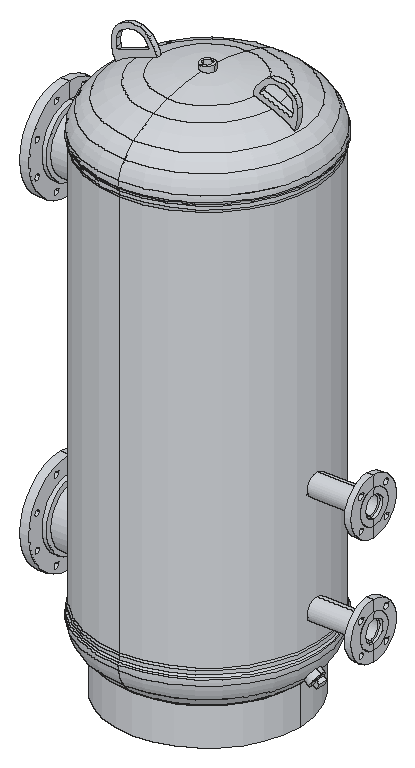
Revit family "HBT-120-26", category Generic Models, Revit 2014
Parameters (values of type "HBT-120-26")
  URL = "http://westank.com/"
  Tank Volume = 120.0 gal
  Part Number = 55641226
  Model = "HBT-120-26"
  Maximum Shipping Weight = 254 lbf
  G = 12"
  B = 6"
  Description = "Wessels ASME 4-port primary-secondary Hot Water Buffer Tanks (HBT) are designed for use with today’s high efficiency systems that incorporate small modular low-mass boilers."
  D = 60"
  C = 24"
  E = 48"
  F = 24"
  A = 2"
Reference planes (in)
  plane 1 "Center (Front/Back)": y = 0
  plane 2: z = 0
  plane 3 "Center (Left/Right)": x = 0
  plane 4: through (12.55282, -180, 5.24135) normal (0.8192, 0, -0.5736)
  plane 5: z = 0
  plane 6: x = -0.0258
  plane 7: x = -12
  plane 8: x = 12
  plane 9: z = 60
  plane 10: z = 12
  plane 11: z = 24
  plane 12: z = 48
Forms (in)
  Revolve 1, solid
    sketch origin (0, -0.02461, 0) x (0, 1, 0) y (0, 0, 1)
      loop
        line (-11.72943, 8.77243) -> (-11.78566, 8.52884) -> (-11.78566, 8.13478)
        arc (-11.78566, 8.13478) -> (-11.81912, 8.00062) -> (-11.91164, 7.89786) r 0.28578
        arc (-11.91164, 7.89786) -> (-11.95692, 7.81968) -> (-11.97558, 7.73128) r 0.28631
        arc (-11.97558, 7.73128) -> (-11.97245, 7.42046) -> (-11.93229, 7.11223) r 2.60351
        arc (-11.93229, 7.11223) -> (-11.64697, 6.20299) -> (-11.16219, 5.38255) r 4.15957
        arc (-11.16219, 5.38255) -> (-10.55779, 4.71313) -> (-9.84784, 4.1569) r 5.25551
        arc (-9.84784, 4.1569) -> (-8.58434, 3.33811) -> (-7.19899, 2.74848) r 8.73435
        arc (-7.19899, 2.74848) -> (-6.25875, 2.4064) -> (-5.29808, 2.12676) r 15.23806
        arc (-5.29808, 2.12676) -> (-2.65772, 1.62908) -> (0.02461, 1.47321) r 20.96361
        line (0.02461, 1.47321) -> (0.02461, 1.61775)
        arc (0.02461, 1.61775) -> (-2.63967, 1.77249) -> (-5.26227, 2.26678) r 20.81908
        arc (-5.26227, 2.26678) -> (-6.21608, 2.54451) -> (-7.14956, 2.88438) r 15.09353
        arc (-7.14956, 2.88438) -> (-8.51704, 3.46602) -> (-9.7638, 4.27464) r 8.58982
        arc (-9.7638, 4.27464) -> (-10.45704, 4.8168) -> (-11.047, 5.46985) r 5.11098
        arc (-11.047, 5.46985) -> (-11.51493, 6.26178) -> (-11.79034, 7.13942) r 4.01504
        arc (-11.79034, 7.13942) -> (-11.82827, 7.43054) -> (-11.83123, 7.72411) r 2.45898
        arc (-11.83123, 7.72411) -> (-11.82458, 7.76052) -> (-11.80874, 7.79397) r 0.14178
        arc (-11.80874, 7.79397) -> (-11.69341, 7.92922) -> (-11.64258, 8.09956) r 0.43032
        line (-11.64258, 8.09956) -> (-11.64258, 8.4958) -> (-11.58634, 8.7394) -> (-11.58634, 52.73382) -> (-11.64258, 52.97741) -> (-11.64258, 53.37366)
        arc (-11.64258, 53.37366) -> (-11.69341, 53.54399) -> (-11.80874, 53.67925) r 0.43032
        arc (-11.80874, 53.67925) -> (-11.82458, 53.7127) -> (-11.83123, 53.7491) r 0.14178
        arc (-11.83123, 53.7491) -> (-11.82827, 54.04267) -> (-11.79034, 54.33379) r 2.45898
        arc (-11.79034, 54.33379) -> (-11.51493, 55.21144) -> (-11.047, 56.00337) r 4.01504
        arc (-11.047, 56.00337) -> (-10.45704, 56.65641) -> (-9.7638, 57.19857) r 5.11098
        arc (-9.7638, 57.19857) -> (-8.51704, 58.00719) -> (-7.14956, 58.58883) r 8.58982
        arc (-7.14956, 58.58883) -> (-6.21608, 58.9287) -> (-5.26227, 59.20643) r 15.09353
        arc (-5.26227, 59.20643) -> (-2.63967, 59.70073) -> (0.02461, 59.85547) r 20.81908
        line (0.02461, 59.85547) -> (0.02461, 60)
        arc (0.02461, 60) -> (-2.65772, 59.84413) -> (-5.29808, 59.34646) r 20.96361
        arc (-5.29808, 59.34646) -> (-6.25875, 59.06681) -> (-7.19899, 58.72473) r 15.23806
        arc (-7.19899, 58.72473) -> (-8.58434, 58.1351) -> (-9.84784, 57.31632) r 8.73435
        arc (-9.84784, 57.31632) -> (-10.55779, 56.76009) -> (-11.16219, 56.09066) r 5.25551
        arc (-11.16219, 56.09066) -> (-11.64697, 55.27022) -> (-11.93229, 54.36098) r 4.15957
        arc (-11.93229, 54.36098) -> (-11.97245, 54.05275) -> (-11.97558, 53.74193) r 2.60351
        arc (-11.97558, 53.74193) -> (-11.95692, 53.65354) -> (-11.91164, 53.57536) r 0.28631
        arc (-11.91164, 53.57536) -> (-11.81912, 53.4726) -> (-11.78566, 53.33843) r 0.28578
        line (-11.78566, 53.33843) -> (-11.78566, 52.94437) -> (-11.72943, 52.70078) -> (-11.72943, 8.77243)
      axis (0.02461, 1.47321) -> (0.02461, 60)
    angle from 0 to 360
  Revolve 2, solid
    sketch origin (-13.31312, 0, -17.60969) x (0.999996, 0, -0.002792) y (0.002792, 0, 0.999996)
      loop
        line (24.95603, 23.79747) -> (24.90436, 23.83351) -> (24.49286, 23.24353) -> (25.10843, 22.81419) -> (25.48438, 23.35322) -> (25.43312, 23.38897) -> (25.55755, 23.56737) -> (25.04492, 23.92491) -> (24.95603, 23.79747)
      axis (24.49286, 23.24353) -> (25.10843, 22.81419)
    angle from 0 to 360
  Extrusion 3, solid
    sketch origin (11.29211, -180, 6.1145) x (0.574357, 0, 0.818605) y (0, -1, 0)
      loop
        line (-0.16036, -179.52645) -> (-0.95521, -179.68698) -> (-0.79485, -180.48095) -> (0, -180.32042) -> (-0.16036, -179.52645)
    from 1.02698 to 1.52678
  Extrusion 4, solid
    sketch origin (0, 0, 0) x (1, 0, 0) y (0, 1, 0)
      loop
        circle (0, 0) r 0.75
      loop
        circle (0, 0) r 0.5
    from 59.84944 to 60.51895
  Extrusion 5, void
    sketch origin (0, 0, 0) x (1, 0, 0) y (0, 1, 0)
      loop
        circle (0, 0) r 0.5
    from 55.71073 to 62.35572
  Revolve 6, solid
    sketch origin (0, 0, 0) x (1, 0, 0) y (0, 0, 1)
      loop
        line (9.87341, 4.12139) -> (9.87341, 0) -> (9.99844, 0) -> (9.99844, 4.12139) -> (9.87341, 4.12139)
      axis (0, 4.12139) -> (0, 0)
    angle from 0 to 360
  Extrusion 7, solid
    sketch origin (-25.94969, -0.08071, 39.84854) x (0.34202, 0, -0.939693) y (0.939693, 0, 0.34202)
      loop
        arc (-11.9298, 25.67102) -> (-12.15596, 25.63246) -> (-12.38023, 25.58408) r 5.2625
        arc (-12.38023, 25.58408) -> (-12.78497, 25.45482) -> (-13.16591, 25.26664) r 2.84116
        arc (-13.16591, 25.26664) -> (-13.45733, 25.04186) -> (-13.68503, 24.75271) r 1.49558
        arc (-13.68503, 24.75271) -> (-13.8, 24.46408) -> (-13.86349, 24.15994) r 1.7957
        arc (-13.86349, 24.15994) -> (-13.88475, 23.80361) -> (-13.86349, 23.44728) r 2.99674
        arc (-13.86349, 23.44728) -> (-13.79114, 23.11862) -> (-13.65649, 22.81019) r 1.72881
        arc (-13.65649, 22.81019) -> (-13.39922, 22.48527) -> (-13.05253, 22.25816) r 1.29608
        arc (-13.05253, 22.25816) -> (-12.66159, 22.07193) -> (-12.239, 21.97739) r 1.9331
        arc (-12.239, 21.97739) -> (-12.08496, 21.94521) -> (-11.9298, 21.91889) r 4.14312
        line (-11.9298, 21.91889) -> (-11.9298, 25.67102)
      loop
        line (-10.9298, 21.34797) -> (-10.9298, 26.14148)
        arc (-10.9298, 26.14148) -> (-11.99706, 26.18465) -> (-13.02719, 25.90227) r 3.48194
        arc (-13.02719, 25.90227) -> (-13.54727, 25.6041) -> (-13.99851, 25.20943) r 3.03185
        arc (-13.99851, 25.20943) -> (-14.28248, 24.55653) -> (-14.39992, 23.8543) r 2.91879
        arc (-14.39992, 23.8543) -> (-14.3348, 23.1787) -> (-14.08611, 22.54717) r 2.44012
        arc (-14.08611, 22.54717) -> (-13.716, 22.08641) -> (-13.21844, 21.76749) r 1.83162
        arc (-13.21844, 21.76749) -> (-12.09799, 21.42749) -> (-10.9298, 21.34797) r 5.1769
    from -0.24366 to 0.25634
  Extrusion 8, solid
    sketch origin (25.94969, -0.08071, 39.84854) x (-0.34202, 0, -0.939693) y (0.939693, 0, -0.34202)
      loop
        line (-11.9298, -25.67102) -> (-11.9298, -21.91889)
        arc (-11.9298, -21.91889) -> (-12.08496, -21.94521) -> (-12.239, -21.97739) r 4.14312
        arc (-12.239, -21.97739) -> (-12.66159, -22.07193) -> (-13.05253, -22.25816) r 1.9331
        arc (-13.05253, -22.25816) -> (-13.39922, -22.48527) -> (-13.65649, -22.81019) r 1.29608
        arc (-13.65649, -22.81019) -> (-13.79114, -23.11862) -> (-13.86349, -23.44728) r 1.72881
        arc (-13.86349, -23.44728) -> (-13.88475, -23.80361) -> (-13.86349, -24.15994) r 2.99674
        arc (-13.86349, -24.15994) -> (-13.8, -24.46408) -> (-13.68503, -24.75271) r 1.7957
        arc (-13.68503, -24.75271) -> (-13.45733, -25.04186) -> (-13.16591, -25.26664) r 1.49558
        arc (-13.16591, -25.26664) -> (-12.78497, -25.45482) -> (-12.38023, -25.58408) r 2.84116
        arc (-12.38023, -25.58408) -> (-12.15596, -25.63246) -> (-11.9298, -25.67102) r 5.2625
      loop
        arc (-10.9298, -21.34797) -> (-12.09799, -21.42749) -> (-13.21844, -21.76749) r 5.1769
        arc (-13.21844, -21.76749) -> (-13.716, -22.08641) -> (-14.08611, -22.54717) r 1.83162
        arc (-14.08611, -22.54717) -> (-14.3348, -23.1787) -> (-14.39992, -23.8543) r 2.44012
        arc (-14.39992, -23.8543) -> (-14.28248, -24.55653) -> (-13.99851, -25.20943) r 2.91879
        arc (-13.99851, -25.20943) -> (-13.54727, -25.6041) -> (-13.02719, -25.90227) r 3.03185
        arc (-13.02719, -25.90227) -> (-11.99706, -26.18465) -> (-10.9298, -26.14148) r 3.48194
        line (-10.9298, -26.14148) -> (-10.9298, -21.34797)
    from -0.24366 to 0.25634
  Revolve 9, solid
    sketch origin (-8.07144, 0, -0.71652) x (1, 0, 0) y (0, 0, 1)
      loop
        line (24.99382, 11.53157) -> (24.99382, 10.96875) -> (25.24382, 10.96875) -> (25.24382, 9.71837) -> (25.93132, 9.71837) -> (25.93132, 10.90594) -> (25.99382, 10.90594) -> (25.99382, 11.53157) -> (24.99382, 11.53157)
      axis (25.99382, 12.71652) -> (24.99382, 12.71652)
    angle from 0 to 360
  Revolve 10, solid
    sketch origin (-6.12392, 0, -0.5) x (-1, 0, 0) y (0, 0, -1)
      loop
        line (-17.17131, -11.46847) -> (-17.17131, -11.31445) -> (-23.67131, -11.31445) -> (-23.67131, -11.46847) -> (-17.17131, -11.46847)
      axis (-23.67131, -12.5) -> (-17.17131, -12.5)
    angle from 0 to 360
  Extrusion 11, void
    sketch origin (-0.0516, 0, -36) x (0, 1, 0) y (0, 0, -1)
      loop
        circle (0, -48) r 1.03153
    from -19.33473 to -7.9694
  Extrusion 12, void
    sketch origin (1.9233, 0, -0.99805) x (0, 1, 0) y (0, 0, 1)
      loop
        circle (1.68454, 14.67389) r 0.38273
      loop
        circle (-1.69766, 14.67389) r 0.37635
      loop
        circle (-1.66641, 11.31003) r 0.35289
      loop
        circle (1.70166, 11.31003) r 0.37084
    from 13.49462 to 18.49167
  Revolve 13, solid
    sketch origin (-8.07144, 0, 11.28348) x (1, 0, 0) y (0, 0, 1)
      loop
        line (24.99382, 11.53157) -> (24.99382, 10.96875) -> (25.24382, 10.96875) -> (25.24382, 9.71837) -> (25.93132, 9.71837) -> (25.93132, 10.90594) -> (25.99382, 10.90594) -> (25.99382, 11.53157) -> (24.99382, 11.53157)
      axis (25.99382, 12.71652) -> (24.99382, 12.71652)
    angle from 0 to 360
  Revolve 14, solid
    sketch origin (-6.12392, 0, 11.5) x (-1, 0, 0) y (0, 0, -1)
      loop
        line (-17.17131, -11.46847) -> (-17.17131, -11.31445) -> (-23.67131, -11.31445) -> (-23.67131, -11.46847) -> (-17.17131, -11.46847)
      axis (-23.67131, -12.5) -> (-17.17131, -12.5)
    angle from 0 to 360
  Extrusion 15, void
    sketch origin (-0.0516, 0, -24) x (0, 1, 0) y (0, 0, -1)
      loop
        circle (0, -48) r 1.03153
    from -19.33473 to -7.9694
  Extrusion 16, void
    sketch origin (1.9233, 0, 11.00195) x (0, 1, 0) y (0, 0, 1)
      loop
        circle (1.68454, 14.67389) r 0.38273
      loop
        circle (-1.69766, 14.67389) r 0.37635
      loop
        circle (-1.66641, 11.31003) r 0.35289
      loop
        circle (1.70166, 11.31003) r 0.37084
    from 13.49462 to 18.49167
  Revolve 17, solid
    sketch origin (5.13777, 0, 34.501) x (-1, 0, 0) y (0, 0, 1)
      loop
        line (19.41788, 10.1865) -> (19.41788, 9.71776) -> (19.98038, 9.71776) -> (19.98038, 7.99898) -> (20.91788, 7.99898) -> (20.91788, 9.249) -> (20.98046, 9.249) -> (20.98046, 10.1865) -> (19.41788, 10.1865)
      axis (20.98046, 13.499) -> (19.41788, 13.499)
    angle from 0 to 360
  Revolve 18, solid
    sketch origin (5.13777, 0, 34.501) x (1, 0, 0) y (0, 0, 1)
      loop
        line (-16.10538, 10.46639) -> (-20.48038, 10.46639) -> (-20.48038, 10.1865) -> (-16.10538, 10.1865) -> (-16.10538, 10.46639)
      axis (-20.48038, 13.499) -> (-16.10538, 13.499)
    angle from 0 to 360
  Extrusion 19, void
    sketch origin (3.1573, 0, -13.5) x (0, 1, 0) y (0, 0, 1)
      loop
        circle (0, 61.5) r 3.03261
    from -20.59822 to -10.25113
  Extrusion 20, void
    sketch origin (-25.09253, 0, 33) x (0, 1, 0) y (0, 0, -1)
      loop
        circle (1.8293, -19.40344) r 0.3623
      loop
        circle (-1.81148, -19.36766) r 0.3655
      loop
        circle (-4.38451, -16.7939) r 0.36521
      loop
        circle (-4.38301, -13.16716) r 0.36795
      loop
        circle (-1.81312, -10.60392) r 0.36863
      loop
        circle (1.81348, -10.60024) r 0.35944
      loop
        circle (4.38824, -13.18878) r 0.38414
      loop
        circle (4.41227, -16.80764) r 0.36614
    from -11.82382 to -7.65161
  Revolve 21, solid
    sketch origin (5.13777, 0, -1.499) x (-1, 0, 0) y (0, 0, 1)
      loop
        line (19.41788, 10.1865) -> (19.41788, 9.71776) -> (19.98038, 9.71776) -> (19.98038, 7.99898) -> (20.91788, 7.99898) -> (20.91788, 9.249) -> (20.98046, 9.249) -> (20.98046, 10.1865) -> (19.41788, 10.1865)
      axis (20.98046, 13.499) -> (19.41788, 13.499)
    angle from 0 to 360
  Revolve 22, solid
    sketch origin (5.13777, 0, -1.499) x (1, 0, 0) y (0, 0, 1)
      loop
        line (-16.10538, 10.46639) -> (-20.48038, 10.46639) -> (-20.48038, 10.1865) -> (-16.10538, 10.1865) -> (-16.10538, 10.46639)
      axis (-20.48038, 13.499) -> (-16.10538, 13.499)
    angle from 0 to 360
  Extrusion 23, void
    sketch origin (3.1573, 0, -49.5) x (0, 1, 0) y (0, 0, 1)
      loop
        circle (0, 61.5) r 3.03261
    from -20.59822 to -10.25113
  Extrusion 24, void
    sketch origin (-25.09253, 0, -3) x (0, 1, 0) y (0, 0, -1)
      loop
        circle (1.8293, -19.40344) r 0.3623
      loop
        circle (-1.81148, -19.36766) r 0.3655
      loop
        circle (-4.38451, -16.7939) r 0.36521
      loop
        circle (-4.38301, -13.16716) r 0.36795
      loop
        circle (-1.81312, -10.60392) r 0.36863
      loop
        circle (1.81348, -10.60024) r 0.35944
      loop
        circle (4.38824, -13.18878) r 0.38414
      loop
        circle (4.41227, -16.80764) r 0.36614
    from -11.82382 to -7.65161
Cuts and joins
  joined: Extrusion 3, Extrusion 4, Revolve 6
  Extrusion 5, Extrusion 11, Extrusion 15, Extrusion 19, Extrusion 23 cuts Revolve 1
  Extrusion 11, Extrusion 15 cuts Revolve 10
  Extrusion 12, Extrusion 16 cuts Revolve 9
  Extrusion 15 cuts Revolve 14
  Extrusion 16 cuts Revolve 13
  Extrusion 19, Extrusion 23 cuts Revolve 18
  Extrusion 20, Extrusion 24 cuts Revolve 17
  Extrusion 23 cuts Revolve 22
  Extrusion 24 cuts Revolve 21
Dimensions and locks (in)
  "D": plane 9 to level
  "C": plane 8 to plane 7
  "G": plane 10 to level
  "F": plane 11 to level
  "E": plane 12 to level
  aligned and locked: plane 2 to level
Automatic sketch dimensions
  Revolve 1 sketch curve to Revolve 1 sketch curve = 0"  (x44)
  Revolve 1 sketch curve to plane 1 "Center (Front/Back)" = 0"  (x3)
  plane 1 "Center (Front/Back)" to Revolve 1 sketch curve = 0.12751"  (x2)
  plane 1 "Center (Front/Back)" to Revolve 1 sketch curve = 1.54641"  (x2)
  Revolve 1 sketch curve to plane 10 = 0.94992"
  plane 1 "Center (Front/Back)" to Revolve 1 sketch curve = 4.50842"  (x2)
  plane 12 to Revolve 1 sketch curve = 2.42313"
  Revolve 1 sketch curve to Revolve 1 sketch curve = 2.48973"  (x2)
  Revolve 1 sketch curve to Revolve 1 sketch curve = 0.87346"  (x2)
  Revolve 1 sketch curve to Revolve 1 sketch curve = 1.52828"  (x2)
  plane 12 to Revolve 1 sketch curve = 4.73382"
  Revolve 1 sketch curve to Revolve 1 sketch curve = 2.21106"
  Revolve 1 sketch curve to Revolve 1 sketch curve = 0.05624"  (x2)
  Revolve 1 sketch curve to Revolve 1 sketch curve = 0.04705"  (x2)
  plane 12 to Revolve 1 sketch curve = 4.70078"
  Revolve 1 sketch curve to Revolve 1 sketch curve = 0.14309"  (x3)
  Revolve 1 sketch curve to plane 10 = 3.47116"
  Revolve 1 sketch curve to Revolve 1 sketch curve = 0.28578"  (x2)
  Revolve 1 sketch curve to Revolve 1 sketch curve = 0.03303"  (x3)
  Revolve 1 sketch curve to Revolve 1 sketch curve = 0.36102"
  Revolve 1 sketch curve to Revolve 1 sketch curve = 0.03523"  (x2)
  Revolve 1 sketch curve to Revolve 1 sketch curve = 0.20471"
  Revolve 1 sketch curve to Revolve 1 sketch curve = 0.38248"  (x2)
  Revolve 1 sketch curve to Revolve 1 sketch curve = 0.29277"  (x2)
  level to Revolve 1 sketch curve = 1.61775"
  Revolve 1 sketch curve to Revolve 1 sketch curve = 37/256"
  Revolve 1 sketch curve to Revolve 1 sketch curve = 0.66192"  (x2)
  Revolve 1 sketch curve to Revolve 1 sketch curve = 0.24359"  (x2)
  plane 10 to Revolve 1 sketch curve = 4.88948"
  Revolve 1 sketch curve to plane 11 = 1.56356"
  Revolve 1 sketch curve to plane 12 = 8.96323"
  Revolve 1 sketch curve to plane 12 = 3.41627"
  Revolve 1 sketch curve to Revolve 1 sketch curve = 2.49332"
  Revolve 1 sketch curve to Revolve 1 sketch curve = 0.39406"
  Revolve 1 sketch curve to plane 9 = 37/256"
  plane 9 to Revolve 1 sketch curve = 0"
  Revolve 1 sketch curve to Revolve 1 sketch curve = 1.88729"
  Revolve 1 sketch curve to plane 9 = 1.41117"
  Revolve 1 sketch curve to Revolve 1 sketch curve = 0.04943"  (x2)
  Revolve 1 sketch curve to Revolve 1 sketch curve = 2.61424"
  Revolve 1 sketch curve to plane 9 = 2.80143"
  Revolve 1 sketch curve to Revolve 1 sketch curve = 0.08403"  (x2)
  Revolve 1 sketch curve to Revolve 1 sketch curve = 0.02249"  (x2)
  Revolve 1 sketch curve to Revolve 1 sketch curve = 0.1029"  (x2)
  plane 11 to Revolve 1 sketch curve = 4.89308"
  Revolve 1 sketch curve to Revolve 1 sketch curve = 3 3/4"
  Revolve 2 sketch curve to plane 8 = 0.75545"
  Revolve 2 sketch curve to plane 4 = 1.2575"
  Revolve 2 sketch curve to Revolve 2 sketch curve = 0.4115"
  Revolve 2 sketch curve to Revolve 2 sketch curve = 0.05167"
  Revolve 2 sketch curve to Revolve 2 sketch curve = 0.08888"
  Revolve 2 sketch curve to Revolve 2 sketch curve = 0.61556"
  Revolve 2 sketch curve to Revolve 2 sketch curve = 0.47709"
  Revolve 2 sketch curve to Revolve 2 sketch curve = 0.05126"
  Revolve 2 sketch curve to Revolve 2 sketch curve = 0.42934"
  Revolve 2 sketch curve to Revolve 2 sketch curve = 0.12768"
  Revolve 2 sketch curve to Revolve 2 sketch curve = 0"  (x2)
  Revolve 2 sketch curve to Revolve 2 sketch curve = 0.08905"
  plane 1 "Center (Front/Back)" to Extrusion 3 sketch curve = 0.31302"
  Extrusion 3 sketch curve to plane 1 "Center (Front/Back)" = 0.48095"
  Extrusion 3 sketch curve to Extrusion 3 sketch curve = 0.16036"  (x2)
  plane 1 "Center (Front/Back)" to Extrusion 3 sketch curve = 0.47355"
  Extrusion 3 sketch curve to Extrusion 3 sketch curve = 0.79485"
  Extrusion 3 sketch curve to plane 1 "Center (Front/Back)" = 0.32042"
  Extrusion 4 sketch curve to Extrusion 4 sketch curve = 0"  (x2)
  plane 1 "Center (Front/Back)" to Extrusion 4 sketch curve = 0"
  Extrusion 4 sketch curve to plane 3 "Center (Left/Right)" = 0"
  Extrusion 5 sketch curve to Extrusion 5 sketch curve = 0"  (x2)
  plane 1 "Center (Front/Back)" to Extrusion 5 sketch curve = 0"
  Extrusion 5 sketch curve to plane 3 "Center (Left/Right)" = 0"
  plane 6 to Extrusion 5 sketch curve = 0.4742"
  Revolve 6 sketch curve to plane 3 "Center (Left/Right)" = 0"
  Revolve 6 sketch curve to level = 0"
  Revolve 6 sketch curve to plane 8 = 2.12659"
  Revolve 6 sketch curve to Revolve 6 sketch curve = 0.12503"
  level to Revolve 6 sketch curve = 4.12139"
  level to Revolve 6 sketch curve = 4.69941"
  Revolve 6 sketch curve to Revolve 6 sketch curve = 1"
  Extrusion 7 sketch curve to plane 9 = 0.3644"
  plane 7 to Extrusion 7 sketch curve = 3.79479"
  Extrusion 7 sketch curve to Extrusion 7 sketch curve = 0.03301"
  Extrusion 7 sketch curve to Extrusion 7 sketch curve = 0.08665"
  Extrusion 7 sketch curve to Extrusion 7 sketch curve = 0.34483"
  Extrusion 7 sketch curve to Extrusion 7 sketch curve = 17/256"
  Extrusion 7 sketch curve to Extrusion 7 sketch curve = 0.04958"
  Extrusion 7 sketch curve to Extrusion 7 sketch curve = 0.06885"
  Extrusion 7 sketch curve to Extrusion 7 sketch curve = 0.15073"
  Extrusion 7 sketch curve to Extrusion 7 sketch curve = 0.36028"
  Extrusion 7 sketch curve to Extrusion 7 sketch curve = 0.06601"
  Extrusion 7 sketch curve to Extrusion 7 sketch curve = 0.11815"
  Extrusion 7 sketch curve to Extrusion 7 sketch curve = 0.47821"
  Extrusion 7 sketch curve to Extrusion 7 sketch curve = 0.6151"
  Extrusion 7 sketch curve to Extrusion 7 sketch curve = 0.15011"
  Extrusion 7 sketch curve to Extrusion 7 sketch curve = 0.77126"
  Extrusion 7 sketch curve to Extrusion 7 sketch curve = 0.3849"
  Extrusion 7 sketch curve to Extrusion 7 sketch curve = 0.59588"
  Extrusion 7 sketch curve to Extrusion 7 sketch curve = 0.3061"
  Extrusion 7 sketch curve to Extrusion 7 sketch curve = 0.31529"
  Extrusion 7 sketch curve to Extrusion 7 sketch curve = 0.0954"
  Extrusion 7 sketch curve to Extrusion 7 sketch curve = 0.80625"
  Extrusion 7 sketch curve to Extrusion 7 sketch curve = 0.57092"
  Extrusion 7 sketch curve to Extrusion 7 sketch curve = 0.88262"
  Extrusion 7 sketch curve to Extrusion 7 sketch curve = 0.00686"
  Extrusion 7 sketch curve to Extrusion 7 sketch curve = 0.20406"
  Extrusion 7 sketch curve to Extrusion 7 sketch curve = 0.59172"
  Extrusion 7 sketch curve to Extrusion 7 sketch curve = 0.09548"
  Extrusion 7 sketch curve to Extrusion 7 sketch curve = 0.07607"
  Extrusion 7 sketch curve to Extrusion 7 sketch curve = 0.15093"
  Extrusion 7 sketch curve to Extrusion 7 sketch curve = 0.04716"
  Extrusion 7 sketch curve to Extrusion 7 sketch curve = 0.0326"
  Extrusion 7 sketch curve to Extrusion 7 sketch curve = 1.7246"
  Extrusion 7 sketch curve to Extrusion 7 sketch curve = 0.34507"
  Extrusion 7 sketch curve to Extrusion 7 sketch curve = 0.12538"
  Extrusion 7 sketch curve to Extrusion 7 sketch curve = 0.37807"
  Extrusion 7 sketch curve to Extrusion 7 sketch curve = 0"  (x6)
  Extrusion 7 sketch curve to Extrusion 7 sketch curve = 0.1659"
  Extrusion 7 sketch curve to Extrusion 7 sketch curve = 0.13872"
  Extrusion 7 sketch curve to Extrusion 7 sketch curve = 0.42962"
  Extrusion 7 sketch curve to Extrusion 7 sketch curve = 0.51913"
  Extrusion 7 sketch curve to Extrusion 7 sketch curve = 0.31348"
  Extrusion 8 sketch curve to plane 9 = 0.3644"
  Extrusion 8 sketch curve to plane 8 = 3.79479"
  Extrusion 8 sketch curve to Extrusion 8 sketch curve = 0.03301"
  Extrusion 8 sketch curve to Extrusion 8 sketch curve = 0.08665"
  Extrusion 8 sketch curve to Extrusion 8 sketch curve = 0.34483"
  Extrusion 8 sketch curve to Extrusion 8 sketch curve = 17/256"
  Extrusion 8 sketch curve to Extrusion 8 sketch curve = 0.04958"
  Extrusion 8 sketch curve to Extrusion 8 sketch curve = 0.06885"
  Extrusion 8 sketch curve to Extrusion 8 sketch curve = 0.15073"
  Extrusion 8 sketch curve to Extrusion 8 sketch curve = 0.36028"
  Extrusion 8 sketch curve to Extrusion 8 sketch curve = 0.06601"
  Extrusion 8 sketch curve to Extrusion 8 sketch curve = 0.11815"
  Extrusion 8 sketch curve to Extrusion 8 sketch curve = 0.47821"
  Extrusion 8 sketch curve to Extrusion 8 sketch curve = 0.6151"
  Extrusion 8 sketch curve to Extrusion 8 sketch curve = 0.15011"
  Extrusion 8 sketch curve to Extrusion 8 sketch curve = 0.77126"
  Extrusion 8 sketch curve to Extrusion 8 sketch curve = 0.3849"
  Extrusion 8 sketch curve to Extrusion 8 sketch curve = 0.59588"
  Extrusion 8 sketch curve to Extrusion 8 sketch curve = 0.00686"
  Extrusion 8 sketch curve to Extrusion 8 sketch curve = 0.20406"
  Extrusion 8 sketch curve to Extrusion 8 sketch curve = 0.0747"
  Extrusion 8 sketch curve to Extrusion 8 sketch curve = 0.09548"
  Extrusion 8 sketch curve to Extrusion 8 sketch curve = 0.07607"
  Extrusion 8 sketch curve to Extrusion 8 sketch curve = 0.15093"
  Extrusion 8 sketch curve to Extrusion 8 sketch curve = 0.04716"
  Extrusion 8 sketch curve to Extrusion 8 sketch curve = 0.0326"
  Extrusion 8 sketch curve to Extrusion 8 sketch curve = 1.7246"
  Extrusion 8 sketch curve to Extrusion 8 sketch curve = 0.34507"
  Extrusion 8 sketch curve to Extrusion 8 sketch curve = 0.12538"
  Extrusion 8 sketch curve to Extrusion 8 sketch curve = 0.37807"
  Extrusion 8 sketch curve to Extrusion 8 sketch curve = 0.51702"
  Extrusion 8 sketch curve to Extrusion 8 sketch curve = 0.31529"
  Extrusion 8 sketch curve to Extrusion 8 sketch curve = 0.0954"
  Extrusion 8 sketch curve to Extrusion 8 sketch curve = 0.80625"
  Extrusion 8 sketch curve to Extrusion 8 sketch curve = 0.57092"
  Extrusion 8 sketch curve to Extrusion 8 sketch curve = 0.88262"
  Extrusion 8 sketch curve to Extrusion 8 sketch curve = 0"  (x6)
  Extrusion 8 sketch curve to Extrusion 8 sketch curve = 0.1659"
  Extrusion 8 sketch curve to Extrusion 8 sketch curve = 0.13872"
  Extrusion 8 sketch curve to Extrusion 8 sketch curve = 0.42962"
  Extrusion 8 sketch curve to Extrusion 8 sketch curve = 0.51913"
  Extrusion 8 sketch curve to Extrusion 8 sketch curve = 0.31348"
  Revolve 9 sketch curve to plane 10 = 0"
  Revolve 9 sketch curve to plane 10 = 1.74777"
  plane 8 to Revolve 9 sketch curve = 4.92238"
  Revolve 9 sketch curve to Revolve 9 sketch curve = 1/4"
  Revolve 9 sketch curve to Revolve 9 sketch curve = 11/16"
  Revolve 9 sketch curve to Revolve 9 sketch curve = 1/16"
  Revolve 9 sketch curve to Revolve 9 sketch curve = 0.06281"
  Revolve 9 sketch curve to Revolve 9 sketch curve = 1.25038"
  Revolve 9 sketch curve to Revolve 9 sketch curve = 0.62563"
  Revolve 9 sketch curve to plane 8 = 0.95262"
  plane 3 "Center (Left/Right)" to Revolve 9 sketch curve = 3.79738"
  Revolve 10 sketch curve to plane 10 = 0"
  Revolve 10 sketch curve to plane 10 = 1.03153"
  plane 8 to Revolve 10 sketch curve = 5.54738"
  Revolve 10 sketch curve to plane 8 = 0.95262"
  Revolve 10 sketch curve to Revolve 10 sketch curve = 0.15401"
  Revolve 10 sketch curve to Revolve 10 sketch curve = 1/4"
  Revolve 10 sketch curve to Revolve 10 sketch curve = 3/4"
  Extrusion 11 sketch curve to Extrusion 11 sketch curve = 0"  (x2)
  Extrusion 11 sketch curve to plane 1 "Center (Front/Back)" = 0"
  Extrusion 11 sketch curve to plane 10 = 0"
  plane 10 to Extrusion 11 sketch curve = 1.03153"
  plane 1 "Center (Front/Back)" to Extrusion 12 sketch curve = 1.69766"
  plane 1 "Center (Front/Back)" to Extrusion 12 sketch curve = 1.66641"
  Extrusion 12 sketch curve to plane 1 "Center (Front/Back)" = 1.68454"
  Extrusion 12 sketch curve to plane 1 "Center (Front/Back)" = 1.70166"
  Extrusion 12 sketch curve to plane 10 = 1.68801"  (x2)
  plane 10 to Extrusion 12 sketch curve = 1.67584"  (x2)
  Revolve 13 sketch curve to plane 11 = 0"
  Revolve 13 sketch curve to plane 11 = 1.74777"
  plane 8 to Revolve 13 sketch curve = 4.92238"
  Revolve 13 sketch curve to Revolve 13 sketch curve = 1/4"
  Revolve 13 sketch curve to Revolve 13 sketch curve = 11/16"
  Revolve 13 sketch curve to Revolve 13 sketch curve = 1/16"
  Revolve 13 sketch curve to Revolve 13 sketch curve = 0.06281"
  Revolve 13 sketch curve to Revolve 13 sketch curve = 1.25038"
  Revolve 13 sketch curve to Revolve 13 sketch curve = 0.62563"
  Revolve 13 sketch curve to plane 8 = 0.95262"
  plane 3 "Center (Left/Right)" to Revolve 13 sketch curve = 3.79738"
  Revolve 14 sketch curve to plane 11 = 0"
  Revolve 14 sketch curve to plane 11 = 1.03153"
  plane 8 to Revolve 14 sketch curve = 5.54738"
  Revolve 14 sketch curve to plane 8 = 0.95262"
  Revolve 14 sketch curve to Revolve 14 sketch curve = 0.15401"
  Revolve 14 sketch curve to Revolve 14 sketch curve = 1/4"
  Revolve 14 sketch curve to Revolve 14 sketch curve = 3/4"
  Extrusion 15 sketch curve to Extrusion 15 sketch curve = 0"  (x2)
  Extrusion 15 sketch curve to plane 1 "Center (Front/Back)" = 0"
  Extrusion 15 sketch curve to plane 11 = 0"
  plane 11 to Extrusion 15 sketch curve = 1.03153"
  plane 1 "Center (Front/Back)" to Extrusion 16 sketch curve = 1.69766"
  plane 1 "Center (Front/Back)" to Extrusion 16 sketch curve = 1.66641"
  Extrusion 16 sketch curve to plane 1 "Center (Front/Back)" = 1.68454"
  Extrusion 16 sketch curve to plane 1 "Center (Front/Back)" = 1.70166"
  Extrusion 16 sketch curve to plane 11 = 1.68801"  (x2)
  plane 11 to Extrusion 16 sketch curve = 1.67584"  (x2)
  Revolve 17 sketch curve to plane 12 = 0"
  plane 7 to Revolve 17 sketch curve = 2.28011"
  Revolve 17 sketch curve to Revolve 17 sketch curve = 9/16"
  Revolve 17 sketch curve to Revolve 17 sketch curve = 15/16"  (x2)
  Revolve 17 sketch curve to Revolve 17 sketch curve = 0.06258"
  plane 12 to Revolve 17 sketch curve = 3 5/16"
  Revolve 17 sketch curve to Revolve 17 sketch curve = 15/32"
  Revolve 17 sketch curve to Revolve 17 sketch curve = 1.25002"
  Revolve 17 sketch curve to plane 7 = 1.78235"
  Revolve 17 sketch curve to Revolve 17 sketch curve = 1 1/4"
  Revolve 18 sketch curve to plane 12 = 0"
  Revolve 18 sketch curve to plane 7 = 3.34261"
  plane 7 to Revolve 18 sketch curve = 1.03239"
  Revolve 18 sketch curve to plane 12 = 3.03261"
  Revolve 18 sketch curve to Revolve 18 sketch curve = 0.27989"
  plane 7 to Revolve 18 sketch curve = 2.6722"
  Revolve 18 sketch curve to Revolve 18 sketch curve = 0.36015"
  Extrusion 19 sketch curve to Extrusion 19 sketch curve = 0"  (x2)
  Extrusion 19 sketch curve to plane 1 "Center (Front/Back)" = 0"
  Extrusion 19 sketch curve to plane 12 = 0"
  Extrusion 19 sketch curve to Extrusion 19 sketch curve = 3.03261"
  plane 12 to Extrusion 20 sketch curve = 1.7939"
  plane 1 "Center (Front/Back)" to Extrusion 20 sketch curve = 4.38451"
  Extrusion 20 sketch curve to Extrusion 20 sketch curve = 0.0015"
  plane 1 "Center (Front/Back)" to Extrusion 20 sketch curve = 1.81312"
  plane 1 "Center (Front/Back)" to Extrusion 20 sketch curve = 1.81148"
  Extrusion 20 sketch curve to plane 1 "Center (Front/Back)" = 1.81348"
  Extrusion 20 sketch curve to plane 1 "Center (Front/Back)" = 1.8293"
  Extrusion 20 sketch curve to plane 12 = 1.81122"
  Extrusion 20 sketch curve to Extrusion 20 sketch curve = 2.57476"
  plane 12 to Extrusion 20 sketch curve = 1.80764"
  Extrusion 20 sketch curve to Extrusion 20 sketch curve = 0.02402"
  Extrusion 20 sketch curve to Extrusion 20 sketch curve = 2.57376"
  Extrusion 20 sketch curve to Extrusion 20 sketch curve = 0.03578"
  Extrusion 20 sketch curve to plane 12 = 1.83284"
  Extrusion 20 sketch curve to Extrusion 20 sketch curve = 2.56324"
  Extrusion 20 sketch curve to Extrusion 20 sketch curve = 0.00368"
  Revolve 21 sketch curve to plane 10 = 0"
  plane 7 to Revolve 21 sketch curve = 2.28011"
  Revolve 21 sketch curve to Revolve 21 sketch curve = 9/16"
  Revolve 21 sketch curve to Revolve 21 sketch curve = 15/16"  (x2)
  Revolve 21 sketch curve to Revolve 21 sketch curve = 0.06258"
  plane 10 to Revolve 21 sketch curve = 3 5/16"
  Revolve 21 sketch curve to Revolve 21 sketch curve = 15/32"
  Revolve 21 sketch curve to Revolve 21 sketch curve = 1.25002"
  Revolve 21 sketch curve to plane 7 = 1.78235"
  Revolve 21 sketch curve to Revolve 21 sketch curve = 1 1/4"
  Revolve 22 sketch curve to plane 10 = 0"
  Revolve 22 sketch curve to plane 7 = 3.34261"
  plane 7 to Revolve 22 sketch curve = 1.03239"
  Revolve 22 sketch curve to plane 10 = 3.03261"
  Revolve 22 sketch curve to Revolve 22 sketch curve = 0.27989"
  plane 7 to Revolve 22 sketch curve = 2.6722"
  Revolve 22 sketch curve to Revolve 22 sketch curve = 0.36015"
  Extrusion 23 sketch curve to Extrusion 23 sketch curve = 0"  (x2)
  Extrusion 23 sketch curve to plane 1 "Center (Front/Back)" = 0"
  Extrusion 23 sketch curve to plane 10 = 0"
  Extrusion 23 sketch curve to Extrusion 23 sketch curve = 3.03261"
  plane 10 to Extrusion 24 sketch curve = 1.7939"
  plane 1 "Center (Front/Back)" to Extrusion 24 sketch curve = 4.38451"
  Extrusion 24 sketch curve to Extrusion 24 sketch curve = 0.0015"
  plane 1 "Center (Front/Back)" to Extrusion 24 sketch curve = 1.81312"
  plane 1 "Center (Front/Back)" to Extrusion 24 sketch curve = 1.81148"
  Extrusion 24 sketch curve to plane 1 "Center (Front/Back)" = 1.81348"
  Extrusion 24 sketch curve to plane 1 "Center (Front/Back)" = 1.8293"
  Extrusion 24 sketch curve to plane 10 = 1.81122"
  Extrusion 24 sketch curve to Extrusion 24 sketch curve = 2.57476"
  plane 10 to Extrusion 24 sketch curve = 1.80764"
  Extrusion 24 sketch curve to Extrusion 24 sketch curve = 0.02402"
  Extrusion 24 sketch curve to Extrusion 24 sketch curve = 2.57376"
  Extrusion 24 sketch curve to Extrusion 24 sketch curve = 0.03578"
  Extrusion 24 sketch curve to plane 10 = 1.83284"
  Extrusion 24 sketch curve to Extrusion 24 sketch curve = 2.56324"
  Extrusion 24 sketch curve to Extrusion 24 sketch curve = 0.00368"
  radius of Extrusion 4 sketch curve = 3/4"
  radius of Extrusion 4 sketch curve = 1/2"
  radius of Extrusion 12 sketch curve = 0.38273"
  radius of Extrusion 12 sketch curve = 0.37635"
  radius of Extrusion 12 sketch curve = 0.35289"
  radius of Extrusion 12 sketch curve = 0.37084"
  radius of Extrusion 16 sketch curve = 0.38273"
  radius of Extrusion 16 sketch curve = 0.37635"
  radius of Extrusion 16 sketch curve = 0.35289"
  radius of Extrusion 16 sketch curve = 0.37084"
  radius of Extrusion 20 sketch curve = 0.3623"
  radius of Extrusion 20 sketch curve = 0.3655"
  radius of Extrusion 20 sketch curve = 0.36521"
  radius of Extrusion 20 sketch curve = 0.36795"
  radius of Extrusion 20 sketch curve = 0.36863"
  radius of Extrusion 20 sketch curve = 0.35944"
  radius of Extrusion 20 sketch curve = 0.38414"
  radius of Extrusion 20 sketch curve = 0.36614"
  radius of Extrusion 24 sketch curve = 0.3623"
  radius of Extrusion 24 sketch curve = 0.3655"
  radius of Extrusion 24 sketch curve = 0.36521"
  radius of Extrusion 24 sketch curve = 0.36795"
  radius of Extrusion 24 sketch curve = 0.36863"
  radius of Extrusion 24 sketch curve = 0.35944"
  radius of Extrusion 24 sketch curve = 0.38414"
  radius of Extrusion 24 sketch curve = 0.36614"
Connectors (in)
  piping at (17.92238, 0, 12), diameter 2, driven by "A"
    settings: on Revolve 9, index 3, connector inside diameter 24", connector length 0", flow factor 0, pipe flow 0 GPM, pressure drop 0.00 psi, fitting loss kfactor 0, connector angle 0.00°, fixture units 0, engagement length 0", angle of deflection 0.00°, flow configuration 0, flow direction 0, fitting loss method 0, system type 7, joint type 0, gender type 0, connector reference index -1, connector utility 0, adjustable connector no, is connector primary yes, connector description ""
  piping at (17.92238, 0, 24), diameter 2, driven by "A"
    settings: on Revolve 13, index 4, connector inside diameter 24", connector length 0", flow factor 0, pipe flow 0 GPM, pressure drop 0.00 psi, fitting loss kfactor 0, connector angle 0.00°, fixture units 0, engagement length 0", angle of deflection 0.00°, flow configuration 0, flow direction 0, fitting loss method 0, system type 7, joint type 0, gender type 0, connector reference index -1, connector utility 0, adjustable connector no, is connector primary no, connector description ""
  piping at (-15.78011, 0, 48), diameter 6
    settings: on Revolve 17, index 5, connector inside diameter 24", connector length 0", flow factor 0, pipe flow 0 GPM, pressure drop 0.00 psi, fitting loss kfactor 0, connector angle 0.00°, fixture units 0, engagement length 0", angle of deflection 0.00°, flow configuration 0, flow direction 0, fitting loss method 0, system type 7, joint type 0, gender type 0, connector reference index -1, connector utility 0, adjustable connector no, is connector primary no, connector description ""
  piping at (-15.84269, 0, 12), diameter 6, driven by "B"
    settings: on Revolve 21, index 6, connector inside diameter 24", connector length 0", flow factor 0, pipe flow 0 GPM, pressure drop 0.00 psi, fitting loss kfactor 0, connector angle 0.00°, fixture units 0, engagement length 0", angle of deflection 0.00°, flow configuration 0, flow direction 0, fitting loss method 0, system type 7, joint type 0, gender type 0, connector reference index -1, connector utility 0, adjustable connector no, is connector primary no, connector description ""
